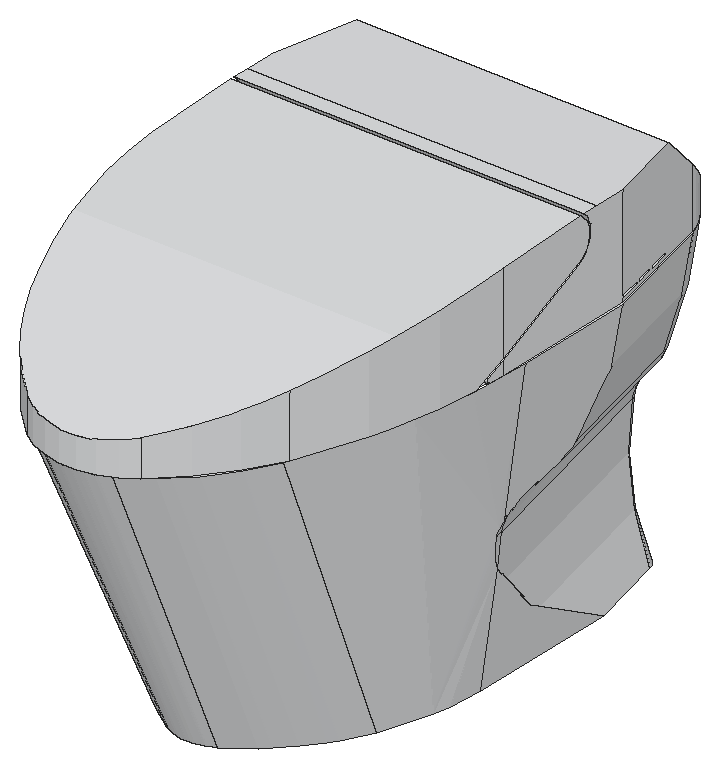
Revit family "45bbd2bb-e55f-48bc-9136-d639b3e6c881", category Plumbing Fixtures, Revit 2014
Parameters
  Warranty Duration (Years) = 0
  Unit Width = 1' - 5 5/8"
  Unit Weight = 123.6
  Unit Height = 1' - 8 3/4"
  Unit Depth = 2' - 7 7/16"
  URL = "http://www.totousa.com/"
  Trap Seal = 0' - 2 1/16"
  Standards Conformance = "as Specified"
  Specification = ""
  SpecWizard = ""
  Send Message = ""
  Seat Height = 0' - 0"
  Sales Information = "http://www.totousa.com/about-toto/contact-us"
  Rough In Offset from Rear [instance] = 1' - 0"
  Revision = "R1_2016-12"
  Product Properties = ""
  Product Data = "http://www.arcat.com/arcatcos/cos36/arc36089.html"
  Piping_Water Flow [instance] = 0 GPM
  Piping_Entry Temperature [instance] = 86 °F
  Model = "As Specified"
  Manufacturer Website = "http://www.totousa.com/"
  Manufacturer Phone - Toll Free = "800-350-8686"
  Manufacturer Phone = "770-282-8686"
  Manufacturer Fax = "770-282-8697"
  Manufacturer Address = "1155 Southern Rd.  Morrow, GA 30260"
  Manufacturer = "TOTO USA"
  Maintenance Schedule (Months) = 0
  Keynote = "22 40 00"
  Installation-Fabrication = ""
  Installation Phase = ""
  Green Building-LEED = ""
  GPF Dual = 0.8
  GPF = 1
  Fixture Finish = Finish - TOTO - Cotton 01
  Expected Lifespan (Years) = 0
  Electrical_Wattage = 1300 W
  Electrical_Voltage = 120 V
  Electrical_Frequency = 60 Hz
  Drawn By = "Sumex Design, Inc. / Robert S. Weygant, CSI, CDT, SCIP"
  Description = ""
  Default Elevation = 0' - 0"
  Copyright = "©Arcat Inc."
  Construction Details = ""
  Available Options [instance] = "Water Supply Extension Kit"
  Assembly Code = "D2010110"
Reference planes (in)
  plane 1 "Center (Front/Back)": y = -1.90625
  plane 2 "Bottom": z = 0
  plane 3 "Center (Left/Right)": x = 0
  plane 4 "Front": y = -17.625
  plane 5 "Back": y = 13.8125
  plane 6 "Left": x = -8.8125
  plane 7 "Right": x = 8.8125
  plane 8 "Top": z = 20.75
  plane 9: y = 1.8125
Forms (in)
  Extrusion 1, solid
    sketch origin (0, 0, 0) x (1, 0, 0) y (0, 1, 0)
      loop
        circle (0, 1.8125) r 1.5
    from 0 to -1
  Extrusion 2, solid
    sketch origin (0, 0, 0) x (1, 0, 0) y (0, 1, 0)
      loop
        circle (-5.65625, 11.65625) r 0.5
    from 6.3458 to 9.4501
Dimensions and locks (in)
  equal spacing: plane 6 "Left", plane 3 "Center (Left/Right)", plane 7 "Right"
  "Unit Width": plane 6 "Left" to plane 7 "Right"
  equal spacing: plane 5 "Back", plane 1 "Center (Front/Back)", plane 4 "Front"
  "Unit Depth": plane 5 "Back" to plane 4 "Front"
  "Unit Height": plane 8 "Top" to level
  locked: Extrusion 1 sketch curve to plane 9 at 0
  locked: plane 3 "Center (Left/Right)" to Extrusion 1 sketch curve at 0
  "Rough In Offset from Rear": plane 5 "Back" to plane 9
Automatic sketch dimensions
  Extrusion 2 sketch curve to plane 5 "Back" = 0' - 2 5/32"
  plane 6 "Left" to Extrusion 2 sketch curve = 0' - 3 5/32"
  radius of Extrusion 1 sketch curve = 0' - 1 1/2"
  radius of Extrusion 2 sketch curve = 0' - 0 1/2"
Nested families (in)
  nested 1: "Neorest700H" at (0, -2.09375, 0), Toilet <- "Fixture Finish", type "Neorest 700H"
    with Toilet Finish - TOTO - Cotton 01
Connectors (in)
  piping at (0, 1.8125, 0), diameter 2.0625, driven by "Piping_Water Flow", driven by "Trap Seal"
    settings: on Extrusion 1, index 1, connector inside diameter 24", connector length 0' - 0", flow factor 0, pipe flow 0 GPM, pressure drop 0.00 psi, fitting loss kfactor 0, connector angle 0.00°, fixture units 0, engagement length 0' - 0", angle of deflection 0.00°, flow configuration 0, flow direction 2, fitting loss method 0, system type 16, joint type 0, gender type 0, connector reference index -1, connector utility 0, adjustable connector no, is connector primary yes, connector description ""
  piping at (-5.65625, 11.65625, 6.3458), diameter 0.5, driven by "Piping_Water Flow"
    settings: on Extrusion 2, index 2, connector inside diameter 24", connector length 0' - 0", flow factor 0, pipe flow 0 GPM, pressure drop 0.00 psi, fitting loss kfactor 0, connector angle 0.00°, fixture units 0, engagement length 0' - 0", angle of deflection 0.00°, flow configuration 0, flow direction 1, fitting loss method 0, system type 19, joint type 0, gender type 0, connector reference index -1, connector utility 0, adjustable connector no, is connector primary no, connector description ""
  electrical at (0, 2.86701, 0), driven by "Electrical_Voltage"
    settings: on nested 1, index 3, voltage 120 V, apparent load 0 VA, apparent load phase1 0 VA, apparent load phase2 0 VA, apparent load phase3 0 VA, power factor 1, load classification "Other", number of poles 1, system type 31, power factor state 1, is connector primary yes, connector utility no, sub classification motor no, connector description ""
Definition of nested family "Neorest700H"
  Parameters (values of type "Neorest 700H")
    Width = 1' - 5 5/8"
    Toilet [instance] = Ceramic
    Height = 1' - 8 3/4"
    Depth = 2' - 7 7/16"
    Base Width = 1' - 1 1/16"
    Base Depth = 2' - 0 13/16"
  Reference planes (in)
    plane 1 "Center (Front/Back)": y = 0
    plane 2: z = 0
    plane 3 "Center (Left/Right)": x = 0
    plane 4: x = -8.8125
    plane 5: y = -15.71875
    plane 6: x = 8.8125
    plane 7: y = 15.71875
    plane 8: z = 20.75
    plane 9: z = 15.5625
    plane 10: y = 16.40625
    plane 11: y = -8.40625
    plane 12: x = -6.53125
    plane 13: x = 6.53125
    plane 14: z = 19
    plane 15: x = 5.46875
    plane 16: x = -5.46875
    plane 17: z = 9.5625
    plane 18: z = 15.6875
  Forms (in)
    Blend 1, solid, material "Ceramic" <- "Toilet"
      base sketch origin (0, 0, 0) x (1, 0, 0) y (0, 1, 0)
        loop
          arc (-5.53125, 16.40625) -> (-6.23836, 16.11336) -> (-6.53125, 15.40625) r 1
          line (-6.53125, 15.40625) -> (-6.53125, 2.15625)
          arc (-6.53125, 2.15625) -> (-6.26292, -0.50299) -> (-5.46875, -3.05502) r 13.31118
          arc (-5.46875, -3.05502) -> (-3.76321, -5.79245) -> (-1.30416, -7.87943) r 10.45024
          arc (-1.30416, -7.87943) -> (0, -8.24655) -> (1.30416, -7.87943) r 2.5
          arc (1.30416, -7.87943) -> (3.76321, -5.79245) -> (5.46875, -3.05502) r 10.45024
          arc (5.46875, -3.05502) -> (6.26292, -0.50299) -> (6.53125, 2.15625) r 13.31118
          line (6.53125, 2.15625) -> (6.53125, 15.40625)
          arc (6.53125, 15.40625) -> (6.23836, 16.11336) -> (5.53125, 16.40625) r 1
          line (5.53125, 16.40625) -> (-5.53125, 16.40625)
      top sketch origin (0, 0, 0) x (1, 0, 0) y (0, 1, 0)
        loop
          line (8.0625, 15.71875) -> (-8.0625, 15.71875)
          arc (-8.0625, 15.71875) -> (-8.59283, 15.49908) -> (-8.8125, 14.96875) r 0.75
          line (-8.8125, 14.96875) -> (-8.8125, 2.15625)
          arc (-8.8125, 2.15625) -> (-8.18337, -4.04401) -> (-6.32163, -9.99152) r 30.8673
          arc (-6.32163, -9.99152) -> (-4.46582, -12.91393) -> (-1.77929, -15.0973) r 10.7786
          arc (-1.77929, -15.0973) -> (0, -15.57173) -> (1.77929, -15.0973) r 3.57373
          arc (1.77929, -15.0973) -> (4.46582, -12.91393) -> (6.32163, -9.99152) r 10.7786
          arc (6.32163, -9.99152) -> (8.18337, -4.04401) -> (8.8125, 2.15625) r 30.8673
          line (8.8125, 2.15625) -> (8.8125, 14.96875)
          arc (8.8125, 14.96875) -> (8.59283, 15.49908) -> (8.0625, 15.71875) r 0.75
      from 0 to 15.5625
    Sweep 2, void
      path origin (0, 0, 0) x (1, 0, 0) y (0, 1, 0)
        loop
          arc (-8.8125, -4.96389) -> (-8.81873, -1.27517) -> (-8.2644, 2.37167) r 24.20624
          line (-8.2644, 2.37167) -> (-5.5795, 13.98954)
          arc (-5.5795, 13.98954) -> (-5.37348, 14.40445) -> (-5.00259, 14.68201) r 1
          arc (-5.00259, 14.68201) -> (0, 15.71875) -> (5.00259, 14.68201) r 12.58789
          arc (5.00259, 14.68201) -> (5.37348, 14.40445) -> (5.5795, 13.98954) r 1
          line (5.5795, 13.98954) -> (8.2644, 2.37167)
          arc (8.2644, 2.37167) -> (8.81873, -1.27517) -> (8.8125, -4.96389) r 24.20624
      profile origin (0, 15.71875, 0) x (0, 1, 0) y (0, 0, 1)
        loop
          arc (0.12942, 9.16166) -> (-0.44863, 8.41265) -> (-0.74644, 7.51462) r 2.82031
          arc (-0.74644, 7.51462) -> (-0.84667, 3.71028) -> (0, 0) r 15.22043
          line (0, 0) -> (4.40625, 0) -> (4.40625, 10.5) -> (4.40625, 15.5625) -> (1.8632, 15.5625)
          arc (1.8632, 15.5625) -> (1.41096, 12.70721) -> (0.62828, 9.92431) r 24.70425
          arc (0.62828, 9.92431) -> (0.4261, 9.51208) -> (0.12942, 9.16166) r 1.86698
    Extrusion 3, solid, material "Ceramic" <- "Toilet"
      sketch origin (0, 0, 0) x (1, 0, 0) y (0, 1, 0)
        loop
          line (-7.39485, 14.40907) -> (-8.8125, 8.27473) -> (-8.8125, 0.65625)
          arc (-8.8125, 0.65625) -> (-8.23569, -4.74677) -> (-6.53125, -9.90625) r 25.59354
          arc (-6.53125, -9.90625) -> (-4.97666, -12.51026) -> (-2.879, -14.70056) r 13.47256
          arc (-2.879, -14.70056) -> (0, -15.74205) -> (2.879, -14.70056) r 4.5
          arc (2.879, -14.70056) -> (4.97666, -12.51026) -> (6.53125, -9.90625) r 13.47256
          arc (6.53125, -9.90625) -> (8.23569, -4.74677) -> (8.8125, 0.65625) r 25.59354
          line (8.8125, 0.65625) -> (8.8125, 8.27473) -> (7.39485, 14.40907)
          arc (7.39485, 14.40907) -> (7.13254, 15.10986) -> (6.69761, 15.71875) r 2.8632
          spline (6.69761, 15.71875) -> (6.64319, 15.73176) -> (6.58213, 15.7447) -> (6.51482, 15.75757) -> (6.44139, 15.77039) -> (6.36084, 15.78312) -> (6.27231, 15.79573) -> (6.17595, 15.80825) -> (6.07101, 15.82064) -> (5.95336, 15.83278) -> (5.82136, 15.8446) -> (5.67608, 15.85614) -> (5.51813, 15.86743)
          spline (5.51813, 15.86743) -> (5.35167, 15.87769) -> (5.17716, 15.88769) -> (4.99481, 15.89741) -> (4.80484, 15.90685) -> (4.60749, 15.91598) -> (4.40301, 15.9248) -> (4.19163, 15.9333) -> (3.97363, 15.94147) -> (3.74927, 15.94929) -> (3.51882, 15.95676) -> (3.28258, 15.96388) -> (3.04083, 15.97062)
          spline (3.04083, 15.97062) -> (2.5646, 15.98006) -> (2.06836, 15.98678) -> (1.55547, 15.99104) -> (1.03922, 15.99385) -> (0.51992, 15.99542) -> (-0.00076, 15.99593) -> (-0.52122, 15.99541) -> (-1.04053, 15.99384) -> (-1.55698, 15.99103) -> (-2.06959, 15.98677) -> (-2.56531, 15.98005) -> (-3.04083, 15.97062)
          spline (-3.04083, 15.97062) -> (-3.28258, 15.96388) -> (-3.51882, 15.95676) -> (-3.74927, 15.94929) -> (-3.97363, 15.94147) -> (-4.19163, 15.9333) -> (-4.40301, 15.9248) -> (-4.60749, 15.91598) -> (-4.80484, 15.90685) -> (-4.99481, 15.89741) -> (-5.17716, 15.88769) -> (-5.35167, 15.87769) -> (-5.51813, 15.86743)
          spline (-5.51813, 15.86743) -> (-5.67608, 15.85614) -> (-5.82136, 15.8446) -> (-5.95336, 15.83278) -> (-6.071, 15.82064) -> (-6.17596, 15.80825) -> (-6.27231, 15.79573) -> (-6.36104, 15.78312) -> (-6.4413, 15.77038) -> (-6.51482, 15.75757) -> (-6.58218, 15.7447) -> (-6.64321, 15.73176) -> (-6.69761, 15.71875)
          arc (-6.69761, 15.71875) -> (-7.13254, 15.10986) -> (-7.39485, 14.40907) r 2.8632
      from 15.6875 to 20.75
    Extrusion 4, void
      sketch origin (0, 0, 0) x (0, 1, 0) y (0, 0, 1)
        loop
          arc (-17.16615, 16.75) -> (-5.44302, 19.74302) -> (6.61417, 20.75) r 72.68791
          line (6.61417, 20.75) -> (-17.16615, 20.75) -> (-17.16615, 16.75)
      from -8.8125 to 8.8125
    Extrusion 5, void
      sketch origin (0, 0, 0) x (0, 1, 0) y (0, 0, 1)
        loop
          line (16.40625, 16.6875) -> (16.40625, 20.75) -> (12.34375, 20.75) -> (16.40625, 16.6875)
      from -8.8125 to 8.8125
    Extrusion 6, void
      sketch origin (0, 0, 0) x (0, 1, 0) y (0, 0, 1)
        loop
          arc (5.3374, 20.85872) -> (6.12512, 19.79002) -> (5.43541, 18.65559) r 1.19186
          line (5.43541, 18.65559) -> (-0.97189, 15.6875) -> (-0.17584, 15.6875)
          arc (-0.17584, 15.6875) -> (-0.23692, 15.803) -> (-0.17584, 15.9185) r 0.13974
          line (-0.17584, 15.9185) -> (5.48795, 18.54217)
          arc (5.48795, 18.54217) -> (6.24902, 19.65965) -> (5.62434, 20.85872) r 1.31686
          line (5.62434, 20.85872) -> (5.3374, 20.85872)
      from -8.8125 to 8.8125
    Extrusion 7, void
      sketch origin (0, 0, 0) x (0, 1, 0) y (0, 0, 1)
        loop
          line (12.06732, 15.97345) -> (10.79603, 15.97345) -> (10.79603, 15.81682) -> (12.06732, 15.81682) -> (12.06732, 15.97345)
        loop
          line (8.27473, 15.81682) -> (9.54603, 15.81682) -> (9.54603, 15.97345) -> (8.27473, 15.97345) -> (8.27473, 15.81682)
        loop
          line (9.67103, 15.97345) -> (9.67103, 15.81682) -> (10.67103, 15.81682) -> (10.67103, 15.97345) -> (9.67103, 15.97345)
      from 6.53125 to 8.8125
  Cuts and joins
    Sweep 2 cuts Blend 1
    Extrusion 4, Extrusion 5, Extrusion 6, Extrusion 7 cuts Extrusion 3
  Dimensions and locks (in)
    equal spacing: plane 4, plane 3 "Center (Left/Right)", plane 6
    equal spacing: plane 5, plane 1 "Center (Front/Back)", plane 7
    "Width": plane 4 to plane 6
    "Depth": plane 5 to plane 7
    "Height": plane 8 to level
    locked: plane 8 to plane 9 at 5.1875
    "Base Depth": plane 10 to plane 11
    equal spacing: plane 12, plane 3 "Center (Left/Right)", plane 13
    "Base Width": plane 12 to plane 13
    locked: plane 18 to plane 9 at 0.125
    aligned and locked: plane 2 to level
    aligned and locked: Blend 1 sketch curve to plane 10
    aligned and locked: Blend 1 sketch curve to plane 12
    aligned and locked: Blend 1 sketch curve to plane 13
    aligned and locked: Blend 1 sketch curve to plane 7
    aligned and locked: plane 9 to Blend 1
    aligned and locked: Blend 1 to level
    aligned and locked: plane 8 to Extrusion 3
    aligned and locked: Extrusion 4 to plane 4
    aligned and locked: Extrusion 4 to plane 6
    aligned and locked: Extrusion 5 to plane 6
    aligned and locked: Extrusion 5 to plane 4
    aligned and locked: Extrusion 6 to plane 6
    aligned and locked: Extrusion 6 to plane 4
    aligned and locked: Extrusion 7 to plane 13
    aligned and locked: Extrusion 7 to plane 6
  Automatic sketch dimensions
    Extrusion 5 sketch curve to plane 8 = 0' - 0"
    Extrusion 5 sketch curve to plane 10 = 0' - 0"
    plane 7 to Extrusion 5 sketch curve = 0' - 3 3/8"
    plane 18 to Extrusion 5 sketch curve = 0' - 1"
    plane 18 to Extrusion 7 sketch curve = 0' - 0.28595"
    plane 7 to Extrusion 7 sketch curve = 0' - 3.65143"
    plane 18 to Extrusion 7 sketch curve = 0' - 0.12932"  (x2)
    Extrusion 7 sketch curve to Extrusion 7 sketch curve = 0' - 1.3963"
    Extrusion 7 sketch curve to Extrusion 7 sketch curve = 0' - 1"
    Extrusion 7 sketch curve to Extrusion 7 sketch curve = 0' - 0 1/8"  (x2)
    Extrusion 7 sketch curve to Extrusion 7 sketch curve = 0' - 0.15663"
    Extrusion 7 sketch curve to Extrusion 7 sketch curve = 0' - 0"  (x2)
    Sweep 2 sketch curve to plane 4 = 0' - 0"
    Sweep 2 sketch curve to plane 3 "Center (Left/Right)" = 0' - 0"
    Sweep 2 sketch curve to plane 6 = 0' - 0"
    plane 1 "Center (Front/Back)" to Sweep 2 sketch curve = 0' - 3.07878"  (x2)
    Sweep 2 sketch curve to plane 4 = 0' - 6.50772"
    plane 4 to Sweep 2 sketch curve = 0' - 0.5481"
    plane 16 to Sweep 2 sketch curve = 0' - 0.11075"
    Sweep 2 sketch curve to plane 16 = 0' - 0.86357"
    Sweep 2 sketch curve to plane 15 = 0' - 0.86357"
    plane 15 to Sweep 2 sketch curve = 0' - 0.11075"
    plane 6 to Sweep 2 sketch curve = 0' - 0.5481"
    Sweep 2 sketch curve to plane 6 = 0' - 6.50772"
    Sweep 2 sketch curve to plane 1 "Center (Front/Back)" = 0' - 2.37167"  (x2)
    Sweep 2 sketch curve to plane 1 "Center (Front/Back)" = 0' - 3.13086"
    plane 7 to Sweep 2 sketch curve = 0' - 1.95438"  (x2)
    Sweep 2 sketch curve to Sweep 2 sketch curve = 0' - 0.22517"  (x2)
    Sweep 2 sketch curve to Sweep 2 sketch curve = 0' - 0"  (x3)
    Sweep 2 sketch curve to level = 0' - 0"
    Sweep 2 sketch curve to profile plane = 0' - 0"
    profile plane to Sweep 2 sketch curve = 0' - 1.13632"
    profile plane to Sweep 2 sketch curve = 1' - 10.72122"
    Sweep 2 sketch curve to profile plane = 0' - 1.8632"
    Sweep 2 sketch curve to profile plane = 0' - 2.04149"
    Sweep 2 sketch curve to Sweep 2 sketch curve = 0' - 2.54305"
    level to Sweep 2 sketch curve = 0' - 5.21475"
    Sweep 2 sketch curve to Sweep 2 sketch curve = 0' - 9.89298"
    level to Sweep 2 sketch curve = 0' - 7.08846"
    Sweep 2 sketch curve to Sweep 2 sketch curve = 0' - 3.41154"
    Sweep 2 sketch curve to Sweep 2 sketch curve = 0' - 3.01945"
    Sweep 2 sketch curve to Sweep 2 sketch curve = 0' - 5 1/16"
    level to Sweep 2 sketch curve = 1' - 5.99282"
    Blend 1 sketch curve to plane 16 = 0' - 0"  (x2)
    Blend 1 sketch curve to plane 3 "Center (Left/Right)" = 0' - 0"  (x2)
    Blend 1 sketch curve to plane 15 = 0' - 0"  (x2)
    Blend 1 sketch curve to Blend 1 sketch curve = 0' - 0.24868"
    plane 16 to Blend 1 sketch curve = 0' - 0 1/16"
    Blend 1 sketch curve to plane 16 = 0' - 1.3214"
    Blend 1 sketch curve to plane 15 = 0' - 1.3214"
    plane 15 to Blend 1 sketch curve = 0' - 0 1/16"
    plane 13 to Blend 1 sketch curve = 0' - 0.24868"
    Blend 1 sketch curve to plane 1 "Center (Front/Back)" = 0' - 2 5/32"  (x3)
    Blend 1 sketch curve to Blend 1 sketch curve = 0' - 0"  (x5)
    plane 11 to Blend 1 sketch curve = 0' - 2.6597"
    Extrusion 3 sketch curve to plane 4 = 0' - 0"
    plane 7 to Extrusion 3 sketch curve = 0' - 0"  (x2)
    Extrusion 3 sketch curve to plane 12 = 0' - 0"  (x2)
    Extrusion 3 sketch curve to plane 3 "Center (Left/Right)" = 0' - 0"
    Extrusion 3 sketch curve to plane 13 = 0' - 0"  (x2)
    Extrusion 3 sketch curve to plane 6 = 0' - 0"
    Extrusion 3 sketch curve to plane 1 "Center (Front/Back)" = 0' - 0 21/32"  (x2)
    Extrusion 3 sketch curve to plane 4 = 0' - 7.96854"
    Extrusion 3 sketch curve to plane 12 = 0' - 0.8636"
    Extrusion 3 sketch curve to plane 12 = 0' - 0.16636"
    plane 16 to Extrusion 3 sketch curve = 0' - 0.27169"
    plane 16 to Extrusion 3 sketch curve = 0' - 0.04938"
    Extrusion 3 sketch curve to plane 16 = 0' - 0.86357"
    Extrusion 3 sketch curve to plane 7 = 0' - 0.25187"
    Extrusion 3 sketch curve to plane 16 = 0' - 2.42792"
    Extrusion 3 sketch curve to plane 15 = 0' - 2.42792"
    Extrusion 3 sketch curve to plane 15 = 0' - 0.86357"
    plane 15 to Extrusion 3 sketch curve = 0' - 0.04938"
    plane 15 to Extrusion 3 sketch curve = 0' - 0.27169"
    plane 13 to Extrusion 3 sketch curve = 0' - 0.16636"
    plane 13 to Extrusion 3 sketch curve = 0' - 0.8636"
    Extrusion 3 sketch curve to plane 6 = 0' - 7.96854"
    Extrusion 3 sketch curve to plane 11 = 0' - 2.8358"
    plane 7 to Extrusion 3 sketch curve = 0' - 7.44402"  (x2)
    Extrusion 3 sketch curve to Extrusion 3 sketch curve = 0' - 2.20625"  (x2)
    Extrusion 3 sketch curve to plane 7 = 0' - 0.14868"  (x2)
    plane 7 to Extrusion 3 sketch curve = 0' - 0.0555"  (x2)
    Extrusion 3 sketch curve to Extrusion 3 sketch curve = 0' - 0.26116"
    Extrusion 3 sketch curve to Extrusion 3 sketch curve = 0' - 0"
    Extrusion 3 sketch curve to plane 3 "Center (Left/Right)" = 0' - 1.19002"
    Extrusion 4 sketch curve to plane 8 = 0' - 0"
    Extrusion 4 sketch curve to plane 5 = 0' - 1.4474"
    Extrusion 4 sketch curve to plane 1 "Center (Front/Back)" = 0' - 6.61417"
    Extrusion 4 sketch curve to level = 4' - 3.93791"
    Extrusion 7 sketch curve to Extrusion 7 sketch curve = 0' - 1.2713"
    Extrusion 6 sketch curve to Extrusion 6 sketch curve = 0' - 0"  (x2)
    Extrusion 6 sketch curve to plane 18 = 0' - 0"
    plane 1 "Center (Front/Back)" to Extrusion 6 sketch curve = 0' - 0.97189"
    plane 1 "Center (Front/Back)" to Extrusion 6 sketch curve = 0' - 0.17584"  (x2)
    plane 1 "Center (Front/Back)" to Extrusion 6 sketch curve = 0' - 0.09718"
    plane 14 to Extrusion 6 sketch curve = 0' - 0.73705"
    Extrusion 6 sketch curve to plane 1 "Center (Front/Back)" = 0' - 4.93444"
    plane 8 to Extrusion 6 sketch curve = 0' - 0.10872"
    Extrusion 6 sketch curve to Extrusion 6 sketch curve = 0' - 0.40296"
    Extrusion 6 sketch curve to plane 14 = 0' - 0.34441"
    Extrusion 6 sketch curve to plane 14 = 0' - 0.45783"
    Extrusion 6 sketch curve to Extrusion 6 sketch curve = 0' - 0.05254"
    plane 18 to Extrusion 6 sketch curve = 0' - 0.1155"
    Blend 1 sketch curve to plane 4 = 0' - 0"
    Blend 1 sketch curve to plane 6 = 0' - 0"
    Blend 1 sketch curve to plane 4 = 1' - 1.2423"
    plane 4 to Blend 1 sketch curve = 0' - 0 3/4"
    Blend 1 sketch curve to plane 16 = 0' - 1.88157"
    Blend 1 sketch curve to plane 15 = 0' - 1.88157"
    Blend 1 sketch curve to Blend 1 sketch curve = 0' - 0 3/4"
    Blend 1 sketch curve to plane 6 = 1' - 1.2423"
    plane 11 to Blend 1 sketch curve = 0' - 2.65663"  (x2)
    Blend 1 sketch curve to plane 11 = 0' - 3.59176"
